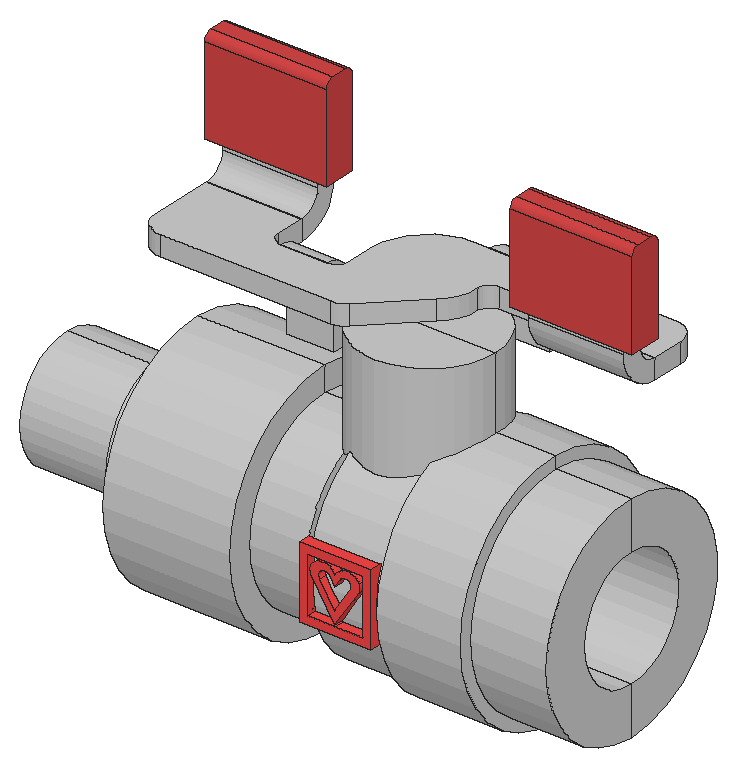
Revit family "Шаровой кран с ручкой бабочка (из оцинкованной стали) 2211", category Rohrzubehör, Revit 2018
Family settings
  Bemaßung runder Anschluss = Durchmesser verwenden
  Teiletyp = Unterbricht
  OmniClass-Nummer = 23.65.55.14
  OmniClass-Titel = Valves for Liquid Services
  Arbeitsebenenbasiert = Nein
  Immer vertikal = Ja
  Beim Laden mit Abzugskörper schneiden = Nein
  Gemeinsam genutzt = Nein
Parameters
  Шпиндель = "латунь в соответствии с EN 12164, CW614N"  # constant formula
  Шар = "штампованная латунь в соответствии с EN 12165, хромированный полнопроходной шар, CW617N"  # constant formula
  Уплотнение шпинделя = "PTFE"  # constant formula
  Уплотнение шара = "PTFE"  # constant formula
  Уплотнение (разъемного соединения с накидной гайкой) DN32-DN50 = "KLINGER (плоское уплотнение)"  # constant formula
  Уплотнение (разъемного соединения с накидной гайкой) DN15-DN25 = "EPDM (O-Ring)"  # constant formula
  Среда = "Качество теплоносителя в соответствии с ÖNORM H5195 и/или предписаниями VDI 2035.\r\nРазрешается использование смеси этилен или пропиленгликоля в соотношении 25-50% с водой."
  Рукоятка = "Ручка бабочка, цвет - красный, из оцинкованной стали"  # constant formula
  Применение = "Шаровые краны используются для перекрытия трубопроводов систем отопления и холодоснабжения. Шаровые краны не должны использоваться в качестве регулирующей арматуры, поэтому они должны быть полностью открыты или закрыты."
  Область применения = "Шаровой кран используется в качестве запорной арматуры в системе. Область применения - системы отопления и холодоснабжения. Рабочие параметры (температура и давление) должны соблюдаться."
  Номер заказа [instance] = size_lookup("2211_3X_", "Artnr", 0, Nennweite)  # 1221131
  Наружная резьба = "в соответствии с ISO 7-1"  # constant formula
  Мин. рабочая температура (вода) = 0.5 °C  # constant formula
  Мин. рабочая температура = -30 °C  # constant formula
  Макс. рабочее давление (соединения) = 1600000.0 Pa  # constant formula
  Макс. рабочее давление = 2500000.0 Pa  # constant formula
  Макс. рабочая температура (вода - не пар) = 110 °C  # constant formula
  Макс. рабочая температура = 150 °C  # constant formula
  Корпус = "штампованная латунь в соответствии с  EN 12165, никелированный, CW617N"  # constant formula
  Внутренняя резьба = "в соответствии с ISO 228-1"  # constant formula
  Вес [instance] = if(Nennweite = 15.000 mm, 0.23, if(Nennweite = 20.000 mm, 0.382, if(Nennweite = 25.000 mm, 0.669, if(Nennweite = 32.000 mm, 1.022, 0))))  # 0.23
  W01 = 135.00°  # constant formula
  VRL02 [instance] = size_lookup("2211_3X_", "VRL2", 1.000 mm, Nennweite)  # 16.500 mm
  VRL01 [instance] = size_lookup("2211_3X_", "VRL1", 1.000 mm, Nennweite)  # 16.000 mm
  VRD02 [instance] = size_lookup("2211_3X_", "VRD2", 1.000 mm, Nennweite)  # 15.000 mm
  VRD01 [instance] = size_lookup("2211_3X_", "VRD1", 1.000 mm, Nennweite)  # 10.500 mm
  URL = "www.herz-armaturen.ru"
  SCRNSEQ = "ARM;ARM_TYP=\"ABVS\";2"
  SCRNCODE = "05;10;02"  # constant formula
  S04 [instance] = L07 + VRL01 + VRL02  # 45.600 mm
  S03 = 10.000 mm  # constant formula
  S02 [instance] = 2 * D01  # 19.050 mm
  S01 [instance] = L01 + L02 + L06  # 47.100 mm
  R01 [instance] = size_lookup("2211_3X_", "R1", 1.000 mm, Nennweite)  # 8.500 mm
  Nennweite [instance] = 15.000 mm
  L07 [instance] = L01 - L03  # 13.100 mm
  L06 [instance] = size_lookup("2211_3X_", "L6", 1.000 mm, Nennweite)  # 9.600 mm
  L05 [instance] = size_lookup("2211_3X_", "L5", 1.000 mm, Nennweite)  # 19.900 mm
  L04 [instance] = size_lookup("2211_3X_", "L4", 1.000 mm, Nennweite)  # 10.500 mm
  L03 [instance] = size_lookup("2211_3X_", "L3", 1.000 mm, Nennweite)  # 8.400 mm
  L02 [instance] = size_lookup("2211_3X_", "L2", 1.000 mm, Nennweite)  # 16.000 mm
  L01 [instance] = size_lookup("2211_3X_", "L1", 1.000 mm, Nennweite)  # 21.500 mm
  IG [instance] = Nennweite / 2  # 7.500 mm
  Hersteller = "HERZ Armaturen Ges.m.b.H"  # constant formula
  H01 [instance] = size_lookup("2211_3X_", "H1", 1.000 mm, Nennweite)  # 24.000 mm
  GT1 [instance] = size_lookup("2211_3X_", "GT1", 1.000 mm, Nennweite)  # 10.000 mm
  GT [instance] = size_lookup("2211_3X_", "GT", 1.000 mm, Nennweite)  # 13.200 mm
  DN25-DN32 [instance] = if(Nennweite = 25.000 mm, 38.000 mm, 43.000 mm)  # 43.000 mm
  DN25+DN32 [instance] = or(Nennweite = 25.000 mm, Nennweite = 32.000 mm)  # no
  DN15-DN20 [instance] = if(Nennweite = 15.000 mm, 28.000 mm, 31.000 mm)  # 28.000 mm
  DN15+DN20 [instance] = or(Nennweite = 15.000 mm, Nennweite = 20.000 mm)  # yes
  D05 [instance] = size_lookup("2211_3X_", "D5", 1.000 mm, Nennweite)  # 13.500 mm
  D04 [instance] = size_lookup("2211_3X_", "D4", 1.000 mm, Nennweite)  # 14.000 mm
  D03 [instance] = size_lookup("2211_3X_", "D3", 1.000 mm, Nennweite)  # 15.000 mm
  D02 [instance] = size_lookup("2211_3X_", "D2", 1.000 mm, Nennweite)  # 12.000 mm
  D01 [instance] = size_lookup("2211_3X_", "D1", 1.000 mm, Nennweite)  # 9.525 mm
  AG [instance] = Nennweite / 2  # 7.500 mm
Reference planes
  plane 1 "Mitte (Vorne/hinten)": y = 0
  plane 2: z = 0
  plane 3 "Mitte (Links/rechts)": x = 0
Forms (mm)
  Revolve 1, solid, material "Messing, vernickelt", detail levels fine
    sketch origin (0, 0, 0) x (1, 0, 0) y (0, 0, 1)
      loop
        line (16, 13.5) -> (16, 15) -> (5.5, 15) -> (5.5, 14) -> (-3.9, 14) -> (-5.9, 12) -> (-13.1, 12) -> (-13.1, 9.525) -> (-21.5, 9.525) -> (-21.5, 0) -> (15.6, 0) -> (15.6, 7.5) -> (25.6, 7.5) -> (25.6, 13.5) -> (16, 13.5)
      axis (-21.5, 0) -> (25.6, 0)
    angle from 0 to 360
  Revolve 2, solid, material "Messing, vernickelt", detail levels fine
    sketch origin (0, 0, 0) x (1, 0, 0) y (0, 0, 1)
      loop
        line (0, 0) -> (5.522, 0) -> (5.522, 8.202) -> (8.5, 8.202) -> (8.5, 24) -> (0, 24) -> (0, 0)
      axis (0, 24) -> (0, 0)
    angle from 0 to 360
  Revolve 3, solid, material "Messing, vernickelt", detail levels fine
    sketch origin (0, 0, 0) x (1, 0, 0) y (0, 0, 1)
      loop
        line (-13.1, 9.525) -> (-13.1, 15) -> (-29.1, 15) -> (-29.1, 10.5) -> (-32.4, 10.5) -> (-32.4, 7.5) -> (-45.6, 7.5) -> (-45.6, 0) -> (-21.5, 0) -> (-21.5, 9.525) -> (-13.1, 9.525)
      axis (-45.6, 0) -> (-13.1, 0)
    angle from 0 to 360
Lines and regions (mm)
  model lines, detail levels coarse+medium
    curve 1: line (-23.55, 9.525, 0) -> (-23.55, -9.525, 0)
    curve 2: line (-23.55, -9.525, 0) -> (23.55, 9.525, 0)
    curve 3: line (23.55, 9.525, 0) -> (23.55, -9.525, 0)
    curve 4: line (23.55, -9.525, 0) -> (-23.55, 9.525, 0)
    curve 5: circle (0, 0, 0) r 9.525 normal (0, 0, 1)
    curve 6: line (-23.55, 0, 9.525) -> (-23.55, 0, -9.525)
    curve 7: line (-23.55, 0, -9.525) -> (23.55, 0, 9.525)
    curve 8: line (23.55, 0, 9.525) -> (23.55, 0, -9.525)
    curve 9: line (23.55, 0, -9.525) -> (-23.55, 0, 9.525)
    curve 10: circle (0, 0, 0) r 9.525 normal (0, -1, 0)
    curve 11: line (-23.55, 0, 9.525) -> (-33.55, 0, 9.525)
    curve 12: line (-33.55, 0, 9.525) -> (-23.55, 0, 0)
    curve 13: line (-23.55, 0, -9.525) -> (-33.55, 0, -9.525)
    curve 14: line (-33.55, 0, -9.525) -> (-23.55, 0, 0)
    curve 15: line (-23.55, 0, 0) -> (-45.6, 0, 0)
    curve 16: line (-23.55, 9.525, 0) -> (-33.55, 9.525, 0)
    curve 17: line (-33.55, 9.525, 0) -> (-23.55, 0, 0)
    curve 18: line (-23.55, -9.525, 0) -> (-33.55, -9.525, 0)
    curve 19: line (-33.55, -9.525, 0) -> (-23.55, 0, 0)
    curve 20: line (-23.55, 0, 0) -> (-45.6, 0, 0)
Dimensions and locks
  "L01": Revolve 1 sketch curve to plane 3 "Mitte (Links/rechts)"
  "L02": Revolve 1 sketch curve to plane 3 "Mitte (Links/rechts)"
  "D01": Revolve 1 sketch curve to plane 2
  "D02": Revolve 1 sketch curve to plane 2
  "L03": Revolve 1 sketch curve to Revolve 1 sketch curve
  "R01": Revolve 2 sketch curve to plane 3 "Mitte (Links/rechts)"
  "H01": Revolve 2 sketch curve to plane 2
  "D03": Revolve 1 sketch curve to plane 2
  "D04": Revolve 1 sketch curve to plane 2
  "L04": Revolve 1 sketch curve to Revolve 1 sketch curve
  "L05": Revolve 1 sketch curve to Revolve 1 sketch curve
  "IG": Revolve 1 sketch curve to Revolve 1 sketch curve
  "GT1": Revolve 1 sketch curve to Revolve 1 sketch curve
  "L06": Revolve 1 sketch curve to Revolve 1 sketch curve
  "D05": Revolve 1 sketch curve to Revolve 1 sketch curve
  "D04": nested 1 to plane 1 "Mitte (Vorne/hinten)"
  equal spacing: curve 2, plane 1 "Mitte (Vorne/hinten)", curve 4
  equal spacing: curve 4, plane 1 "Mitte (Vorne/hinten)", curve 3
  "S02": curve 4 to curve 2
  "S02": curve 3 to curve 4
  equal spacing: curve 1, plane 3 "Mitte (Links/rechts)", curve 3
  "S01": curve 1 to curve 3
  "S02": curve 9 to curve 7
  equal spacing: curve 9, plane 2, curve 7
  equal spacing: curve 8, plane 2, curve 9
  "S02": curve 8 to curve 9
  "S01": curve 6 to curve 8
  equal spacing: curve 6, plane 3 "Mitte (Links/rechts)", curve 8
  "AG": Revolve 3 sketch curve to plane 2
  "D01": Revolve 3 sketch curve to Revolve 3 sketch curve
  "L03": Revolve 3 sketch curve to Revolve 3 sketch curve
  "L07": plane 3 "Mitte (Links/rechts)" to Revolve 3 sketch curve
  "VRL01": Revolve 3 sketch curve to Revolve 3 sketch curve
  "VRL02": Revolve 3 sketch curve to Revolve 3 sketch curve
  "GT": Revolve 3 sketch curve to Revolve 3 sketch curve
  "VRD01": Revolve 3 sketch curve to level
  "VRD02": Revolve 3 sketch curve to Revolve 3 sketch curve
  "S04": plane 3 "Mitte (Links/rechts)" to curve 15
  "S03": curve 12 to curve 6
  "S03": curve 17 to curve 1
  "S04": curve 20 to plane 3 "Mitte (Links/rechts)"
  "DN15-DN20": nested 2 to plane 2
  "DN25-DN32": nested 3 to plane 2
  "S02": diameter of curve 5
  "S02": diameter of curve 10
  "W01": angle Revolve 1 sketch curve to Revolve 1 sketch curve
  aligned and locked: level to plane 2
Automatic sketch dimensions
  curve 10 to level = 0.000 mm
  curve 10 to plane 3 "Mitte (Links/rechts)" = 0.000 mm
  curve 15 to level = 0.000 mm
  curve 12 to level = 0.000 mm
  curve 13 to curve 6 = 10.000 mm
  plane 1 "Mitte (Vorne/hinten)" to curve 5 = 0.000 mm
  curve 5 to plane 3 "Mitte (Links/rechts)" = 0.000 mm
  plane 1 "Mitte (Vorne/hinten)" to curve 20 = 0.000 mm
  plane 1 "Mitte (Vorne/hinten)" to curve 19 = 0.000 mm
  curve 18 to curve 1 = 10.000 mm
  Revolve 1 sketch curve to level = 0.000 mm  (x2)
  Revolve 1 sketch curve to Revolve 1 sketch curve = 1481.630 mm
  Revolve 1 sketch curve to Revolve 1 sketch curve = 1814.648 mm
  Revolve 2 sketch curve to level = 0.000 mm
  Revolve 2 sketch curve to plane 3 "Mitte (Links/rechts)" = 0.000 mm  (x2)
  plane 3 "Mitte (Links/rechts)" to Revolve 2 sketch curve = 5.522 mm
  level to Revolve 2 sketch curve = 8.202 mm
  Revolve 2 sketch curve to Revolve 2 sketch curve = 366.045 mm
  Revolve 2 sketch curve to Revolve 2 sketch curve = 2190.315 mm
  Revolve 3 sketch curve to level = 0.000 mm  (x2)
  Revolve 3 sketch curve to Revolve 3 sketch curve = 1461.804 mm
  plane 3 "Mitte (Links/rechts)" to Revolve 3 sketch curve = 1839.148 mm
Nested families
  nested 1: "Herz-Logo-vorne" at (0, -14, 0) x (0, 1, 0) z (0, 0, 1), type "Herz-Logo-vorne", detail levels fine
  nested 2: "Knebelgriff (Blech) DN15-DN20" at (0, 0, 28), visible <- "DN15+DN20", type "Knebelgriff (Blech) DN15-DN20"
  nested 3: "Knebelgriff (Blech) DN25-DN32" at (0, 0, 43), visible <- "DN25+DN32", type "Knebelgriff (Blech) DN25-DN32"
Connectors
  piping at (6.5, 0, 0), diameter 15, driven by "Nennweite"
    settings: on Revolve 1, index 1, connector inside diameter 609.6 mm, connector length 0.000 mm, flow factor 0, pipe flow 0.0 L/s, pressure drop 0.0 Pa, fitting loss kfactor 0, connector angle 0.00°, fixture units 0, engagement length 0.000 mm, angle of deflection 0.00°, flow configuration 0, flow direction 0, fitting loss method 0, system type 7, joint type 0, gender type 0, connector reference index -1, connector utility 0, adjustable connector no, is connector primary yes, connector description ""
  piping at (-45.6, 0, 0), diameter 15, driven by "Nennweite"
    settings: on Revolve 3, index 2, connector inside diameter 609.6 mm, connector length 0.000 mm, flow factor 0, pipe flow 0.0 L/s, pressure drop 0.0 Pa, fitting loss kfactor 0, connector angle 0.00°, fixture units 0, engagement length 0.000 mm, angle of deflection 0.00°, flow configuration 0, flow direction 0, fitting loss method 0, system type 7, joint type 0, gender type 0, connector reference index -1, connector utility 0, adjustable connector no, is connector primary no, connector description ""
Definition of nested family "Herz-Logo-vorne"
  Reference planes
    plane 1 "Mitte (Vorne/hinten)": y = 0
    plane 2: z = 0
    plane 3 "Mitte (Links/rechts)": x = 0
  Forms (mm)
    Extrusion 1, solid
      sketch origin (0.732, -0.018, 0.017) x (0, -1, 0) y (0, 0, 1)
        loop
          line (-0.018, -4.517) -> (4.482, -4.517) -> (4.482, 4.483) -> (-4.518, 4.483) -> (-4.518, -4.517) -> (-0.018, -4.517)
        loop
          line (-0.05, -3.48) -> (3.482, -3.48) -> (3.482, 3.483) -> (-3.518, 3.483) -> (-3.518, -3.48) -> (-0.05, -3.48)
        loop
          arc (-0.018, 2.383) -> (-1.543, 3.287) -> (-3.067, 2.383) r 1.738
          arc (-3.067, 2.383) -> (-3.191, 1.899) -> (-3.067, 1.415) r 1.009
          line (-3.067, 1.415) -> (-0.018, -3.281) -> (3.032, 1.415)
          arc (3.032, 1.415) -> (3.156, 1.899) -> (3.032, 2.383) r 1.009
          arc (3.032, 2.383) -> (1.507, 3.287) -> (-0.018, 2.383) r 1.738
        loop
          arc (1.885, 1.272) -> (2.005, 1.675) -> (1.885, 2.079) r 0.74
          arc (1.885, 2.079) -> (1.265, 2.416) -> (0.644, 2.079) r 0.74
          line (0.644, 2.079) -> (-0.018, 0.97) -> (-0.679, 2.079)
          arc (-0.679, 2.079) -> (-1.3, 2.416) -> (-1.921, 2.079) r 0.74
          arc (-1.921, 2.079) -> (-2.04, 1.675) -> (-1.921, 1.272) r 0.74
          line (-1.921, 1.272) -> (-0.018, -1.658) -> (1.885, 1.272)
      from 0 to 1.5
  Dimensions and locks
    aligned and locked: level to plane 2
Definition of nested family "Knebelgriff (Blech) DN15-DN20"
  Reference planes
    plane 1 "Mitte (Vorne/hinten)": y = 0
    plane 2: z = 0
    plane 3 "Mitte (Links/rechts)": x = 0
  Forms (mm)
    Extrusion 1, solid, detail levels fine
      sketch origin (0, 0, 0) x (1, 0, 0) y (0, 1, 0)
        loop
          line (-7, 0) -> (-7, -3.8)
          arc (-7, -3.8) -> (-7.439, -4.861) -> (-8.5, -5.3) r 1.5
          line (-8.5, -5.3) -> (-14.5, -5.3)
          arc (-14.5, -5.3) -> (-15.561, -4.861) -> (-16, -3.8) r 1.5
          line (-16, -3.8) -> (-16, 0) -> (-28, 0) -> (-28, -8.1)
          arc (-28, -8.1) -> (-27.121, -10.221) -> (-25, -11.1) r 3
          line (-25, -11.1) -> (-3.453, -11.1)
          arc (-3.453, -11.1) -> (-2.496, -10.91) -> (-1.685, -10.368) r 2.5
          line (-1.685, -10.368) -> (4.443, -4.24)
          arc (4.443, -4.24) -> (5.743, -2.295) -> (6.2, 0) r 6
          arc (6.2, 0) -> (6.64, 1.06) -> (7.7, 1.499) r 1.5
          line (7.7, 1.499) -> (15.1, 1.499)
          arc (15.1, 1.499) -> (16.16, 1.06) -> (16.6, 0) r 1.5
          line (16.6, 0) -> (28.6, 0) -> (28.6, 4)
          arc (28.6, 4) -> (27.721, 6.121) -> (25.6, 7) r 3
          line (25.6, 7) -> (0, 7)
          arc (0, 7) -> (-4.95, 4.95) -> (-7, 0) r 7
      from 0 to 2.5
    Extrusion 2, solid, detail levels fine
      sketch origin (0, 0, 0) x (0, 1, 0) y (0, 0, 1)
        loop
          arc (2.5, 5) -> (1.768, 3.232) -> (0, 2.5) r 2.5
          line (0, 2.5) -> (0, 0)
          arc (0, 0) -> (3.536, 1.464) -> (5, 5) r 5
          line (5, 5) -> (5, 6) -> (2.5, 6) -> (2.5, 5)
      from -28 to -16
    Extrusion 3, solid, detail levels fine
      sketch origin (0, 5.3, 0) x (0, 1, 0) y (0, 0, 1)
        loop
          line (-7.8, 5) -> (-7.8, 6) -> (-10.3, 6) -> (-10.3, 5)
          arc (-10.3, 5) -> (-8.836, 1.464) -> (-5.3, 0) r 5
          line (-5.3, 0) -> (-5.3, 2.5)
          arc (-5.3, 2.5) -> (-7.068, 3.232) -> (-7.8, 5) r 2.5
      from 16.6 to 28.6
    Extrusion 4, solid, detail levels fine
      sketch origin (0, 0, 0) x (0, 1, 0) y (0, 0, 1)
        loop
          line (5.75, 6) -> (5.75, 17.041)
          arc (5.75, 17.041) -> (5.469, 17.719) -> (4.791, 18) r 0.959
          line (4.791, 18) -> (2.773, 18)
          arc (2.773, 18) -> (2.05, 17.7) -> (1.75, 16.977) r 1.023
          line (1.75, 16.977) -> (1.75, 6) -> (5.75, 6)
      from -29.7 to -14.3
    Extrusion 5, solid, detail levels fine
      sketch origin (0, 0, 0) x (0, 1, 0) y (0, 0, 1)
        loop
          line (-5.75, 6) -> (-1.75, 6) -> (-1.75, 17)
          arc (-1.75, 17) -> (-2.043, 17.707) -> (-2.75, 18) r 1
          line (-2.75, 18) -> (-4.75, 18)
          arc (-4.75, 18) -> (-5.457, 17.707) -> (-5.75, 17) r 1
          line (-5.75, 17) -> (-5.75, 6)
      from 30.3 to 14.9
    Extrusion 6, solid, detail levels fine
      sketch origin (0, 0, 0) x (0, 1, 0) y (0, 0, 1)
        loop
          line (9, -2) -> (9, -8) -> (11.5, -8) -> (11.5, -2)
          arc (11.5, -2) -> (10.182, 1.182) -> (7, 2.5) r 4.5
          line (7, 2.5) -> (7, 0)
          arc (7, 0) -> (8.414, -0.586) -> (9, -2) r 2
      from 8.1 to 2.1
    Extrusion 7, solid, detail levels fine
      sketch origin (0, 0, 0) x (0, 1, 0) y (0, 0, 1)
        loop
          line (-4.3, -1) -> (-4.3, -8) -> (-1.8, -8) -> (-1.8, -1)
          arc (-1.8, -1) -> (-2.825, 1.475) -> (-5.3, 2.5) r 3.5
          line (-5.3, 2.5) -> (-5.3, 0)
          arc (-5.3, 0) -> (-4.593, -0.293) -> (-4.3, -1) r 1
      from -14.5 to -8.5
  Dimensions and locks
    aligned and locked: level to plane 2
Definition of nested family "Knebelgriff (Blech) DN25-DN32"
  Reference planes
    plane 1 "Mitte (Vorne/hinten)": y = 0
    plane 2: z = 0
    plane 3 "Mitte (Links/rechts)": x = 0
  Forms (mm)
    Extrusion 1, solid, detail levels fine
      sketch origin (0, 0, 0) x (1, 0, 0) y (0, 1, 0)
        loop
          arc (0, 9) -> (-6.364, 6.364) -> (-9, 0) r 9
          line (-9, 0) -> (-9, -4.1)
          arc (-9, -4.1) -> (-9.439, -5.161) -> (-10.5, -5.6) r 1.5
          line (-10.5, -5.6) -> (-20, -5.6)
          arc (-20, -5.6) -> (-21.061, -5.161) -> (-21.5, -4.1) r 1.5
          line (-21.5, -4.1) -> (-21.5, 0) -> (-39.1, 0) -> (-39.1, -10.6)
          arc (-39.1, -10.6) -> (-38.221, -12.721) -> (-36.1, -13.6) r 3
          line (-36.1, -13.6) -> (-10.5, -13.6)
          arc (-10.5, -13.6) -> (-8.037, -13.275) -> (-5.742, -12.323) r 9.5
          line (-5.742, -12.323) -> (0, -9)
          arc (0, -9) -> (2.463, -8.675) -> (4.758, -7.723) r 9.5
          line (4.758, -7.723) -> (16.029, -0.25)
          arc (16.029, -0.25) -> (16.522, 0.291) -> (16.7, 1) r 1.5
          arc (16.7, 1) -> (17.139, 2.061) -> (18.2, 2.5) r 1.5
          line (18.2, 2.5) -> (20.9, 2.5)
          arc (20.9, 2.5) -> (21.961, 2.061) -> (22.4, 1) r 1.5
          line (22.4, 1) -> (22.4, 0) -> (40, 0) -> (40, 7.5)
          arc (40, 7.5) -> (39.121, 9.621) -> (37, 10.5) r 3
          line (37, 10.5) -> (2.1, 10.5) -> (2.1, 9) -> (0, 9)
      from 0 to 3
    Extrusion 2, solid, detail levels fine
      sketch origin (0, 0, 0) x (0, 1, 0) y (0, 0, 1)
        loop
          arc (3, 6) -> (2.121, 3.879) -> (0, 3) r 3
          line (0, 3) -> (0, 0)
          arc (0, 0) -> (4.243, 1.757) -> (6, 6) r 6
          line (6, 6) -> (3, 6)
      from -39.1 to -21.5
    Extrusion 3, solid, detail levels fine
      sketch origin (0, 0, 0) x (0, 1, 0) y (0, 0, 1)
        loop
          arc (0, 3) -> (-2.121, 3.879) -> (-3, 6) r 3
          line (-3, 6) -> (-6, 6)
          arc (-6, 6) -> (-4.243, 1.757) -> (0, 0) r 6
          line (0, 0) -> (0, 3)
      from 22.4 to 40
    Extrusion 4, solid, detail levels fine
      sketch origin (0, 0, 0) x (0, 1, 0) y (0, 0, 1)
        loop
          line (7.5, 6) -> (7.5, 24.5)
          arc (7.5, 24.5) -> (7.061, 25.561) -> (6, 26) r 1.5
          line (6, 26) -> (3, 26)
          arc (3, 26) -> (1.939, 25.561) -> (1.5, 24.5) r 1.5
          line (1.5, 24.5) -> (1.5, 6) -> (7.5, 6)
      from -42.05 to -18.55
    Extrusion 5, solid, detail levels fine
      sketch origin (0, 0, 0) x (0, 1, 0) y (0, 0, 1)
        loop
          line (-7.5, 6) -> (-1.5, 6) -> (-1.5, 24.5)
          arc (-1.5, 24.5) -> (-1.939, 25.561) -> (-3, 26) r 1.5
          line (-3, 26) -> (-6, 26)
          arc (-6, 26) -> (-7.061, 25.561) -> (-7.5, 24.5) r 1.5
          line (-7.5, 24.5) -> (-7.5, 6)
      from 19.45 to 42.95
    Extrusion 6, solid, detail levels fine
      sketch origin (0, 0, 0) x (0, 1, 0) y (0, 0, 1)
        loop
          arc (14, -0.5) -> (12.975, 1.975) -> (10.5, 3) r 3.5
          line (10.5, 3) -> (10.5, 0)
          arc (10.5, 0) -> (10.854, -0.146) -> (11, -0.5) r 0.5
          line (11, -0.5) -> (11, -9) -> (14, -9) -> (14, -0.5)
      from 2.1 to 8.1
    Extrusion 7, solid, detail levels fine
      sketch origin (0, -16.1, 0) x (0, 1, 0) y (0, 0, 1)
        loop
          arc (14, -0.5) -> (12.975, 1.975) -> (10.5, 3) r 3.5
          line (10.5, 3) -> (10.5, 0)
          arc (10.5, 0) -> (10.854, -0.146) -> (11, -0.5) r 0.5
          line (11, -0.5) -> (11, -9) -> (14, -9) -> (14, -0.5)
      from -12 to -18
  Dimensions and locks
    aligned and locked: level to plane 2
